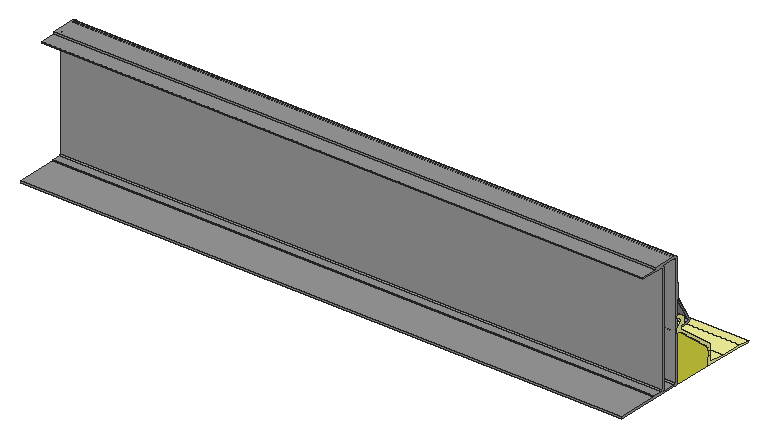
Revit family "HT HD 120", category Generic Models, Revit 2014
Parameters (values of type "Max lintel length 3600mm")
  URL = "http://www.keystonelintels.co.uk"
  Structural Opening [instance] = 900 mm
  Structural Performance = "The Keystone lintel range has safe working loads as detailed in each applicable loading table in the Keystone Lintel Guide brochure. The structural performance figures within each table have been ascertained by testing in accordance with the requirements of standards BS EN 5977-2: 1983 and BS EN 845-2: 2003."
  RIBA Productor Selector = "available for Keystone Lintels Ltd from Keystone Lintels Ltd from ribaproductselector.com"
  Model = "HT/HD 120"
  Min Length = 600 mm
  Min Clear Span = 300 mm
  Max Length = 2600 mm
  Max Clear Span = 3600 mm
  Material - Stainless Steel = "Grade 304 2b 1.4307 to BS EN 10088-2. Other grades available on request: contact manufacturer."
  Material - Galvanised Steel = "To BS EN 10346: 2009. DX51D plus Z600 or grade Z275 to BS 5977-2: 1983 (BS EN 845-2: 2003)."
  Manufacturer = "Keystone"
  Manufactured Length [instance] = (roundup(Effective Length / 150 mm) * 150 mm)  # 1200 mm
  Lintel height [instance] = 2100 mm
  Keynote = "F30/755"
  Fire Performance = "Keystone lintels have been subjected to a fire test (WARRES No. 101263) in accordance with BS 476-20: 1987, at Exova Warrington Fire and achieved a one hour fire performance."
  End Bearing = 150 mm
  Effective Length [instance] = Clear Opening with MIN MAX set + End Bearing * 2  # 1200 mm
  Corrosion = "Keystone’s standard range of lintels are manufactured from high quality grade pre-galvanized carbon steel with a zinc coating of 600"
  Contact Tel = "+44 (0)28 8676 2184"
  Contact Email = "info@keystonelintels.co.uk"
  Clear Opening with MIN MAX set [instance] = if(Structural Opening < Min Clear Span, Min Clear Span, (if(Structural Opening > Max Clear Span, Max Clear Span, Structural Opening)))  # 900 mm
  CPD Information = "Available for Keystone Lintels Ltd from ribacpd.com"
Reference planes
  plane 1 "Center (Front/Back)": y = 0
  plane 2: z = 0
  plane 3 "Center (Left/Right)": x = 0
  plane 4: x = -600
  plane 5: x = 600
  plane 6: z = 2100
  plane 7: x = -450
  plane 8: x = 450
Forms (mm)
  Extrusion 1, solid, material "Steel"
    sketch origin (0, 696.96, -495.229) x (0, 1, 0) y (0, 0, 1)
      loop
        arc (-742.549, 2595.229) -> (-739.721, 2596.401) -> (-738.549, 2599.229) r 4
        line (-738.549, 2599.229) -> (-738.549, 2748.668) -> (-709.422, 2701.107)
        arc (-709.422, 2701.107) -> (-709.248, 2698.016) -> (-711.9, 2696.417) r 3
        line (-711.9, 2696.417) -> (-728.665, 2696.417) -> (-728.665, 2693.917) -> (-711.901, 2693.917)
        arc (-711.901, 2693.917) -> (-707.055, 2696.816) -> (-707.318, 2702.457) r 5.5
        line (-707.318, 2702.457) -> (-736.049, 2749.609) -> (-736.049, 2777.356) -> (-738.549, 2777.356) -> (-738.549, 2823.229)
        arc (-738.549, 2823.229) -> (-739.721, 2826.057) -> (-742.549, 2827.229) r 4
        line (-742.549, 2827.229) -> (-791.349, 2827.229) -> (-791.349, 2824.329) -> (-821.649, 2824.329) -> (-821.649, 2821.829) -> (-776.147, 2821.829)
        arc (-776.147, 2821.829) -> (-774.733, 2821.243) -> (-774.149, 2819.829) r 2
        line (-774.149, 2819.829) -> (-774.15, 2602.629)
        arc (-774.15, 2602.629) -> (-774.736, 2601.215) -> (-776.15, 2600.629) r 2
        line (-776.15, 2600.629) -> (-794.149, 2600.629) -> (-794.149, 2598.129) -> (-874.149, 2598.129) -> (-874.149, 2595.229) -> (-742.549, 2595.229)
      loop
        arc (-771.649, 2602.133) -> (-772.819, 2599.302) -> (-775.649, 2598.129) r 3.999
        line (-775.649, 2598.129) -> (-743.449, 2598.129)
        arc (-743.449, 2598.129) -> (-742.035, 2598.715) -> (-741.449, 2600.129) r 2
        line (-741.449, 2600.129) -> (-741.449, 2822.329)
        arc (-741.449, 2822.329) -> (-742.035, 2823.743) -> (-743.449, 2824.329) r 2
        line (-743.449, 2824.329) -> (-775.649, 2824.329)
        arc (-775.649, 2824.329) -> (-772.819, 2823.156) -> (-771.649, 2820.324) r 4
        line (-771.649, 2820.324) -> (-771.649, 2602.133)
    from -600 to 600
  Extrusion 2, solid, material "GRP"
    sketch origin (0, 696.96, -495.229) x (0, 1, 0) y (0, 0, 1)
      loop
        line (-580.466, 2595.229) -> (-560.113, 2593.253) -> (-559.823, 2596.239) -> (-580.32, 2598.229) -> (-621.905, 2598.281) -> (-652.114, 2601.226)
        arc (-652.114, 2601.226) -> (-654.045, 2602.196) -> (-654.823, 2604.211) r 3
        line (-654.823, 2604.211) -> (-654.823, 2627.492)
        arc (-654.823, 2627.492) -> (-655.786, 2631.773) -> (-658.488, 2635.23) r 10
        line (-658.488, 2635.23) -> (-727.74, 2691.926)
        arc (-727.74, 2691.926) -> (-728.292, 2692.519) -> (-728.665, 2693.239) r 3
        line (-728.665, 2693.239) -> (-728.665, 2697.248) -> (-720.704, 2697.248) -> (-720.704, 2707.672)
        arc (-720.704, 2707.672) -> (-721.738, 2711.333) -> (-724.534, 2713.913) r 7
        line (-724.534, 2713.913) -> (-738.149, 2720.829) -> (-738.623, 2714.901) -> (-729.388, 2710.209)
        arc (-729.388, 2710.209) -> (-727.521, 2707.664) -> (-728.462, 2704.651) r 3.5
        line (-728.462, 2704.651) -> (-737.623, 2695.218) -> (-737.623, 2689.627)
        arc (-737.623, 2689.627) -> (-737.037, 2688.212) -> (-735.623, 2687.627) r 2
        line (-735.623, 2687.627) -> (-731.048, 2687.627)
        arc (-731.048, 2687.627) -> (-696.96, 2661.568) -> (-664.904, 2633.047) r 576.819
        arc (-664.904, 2633.047) -> (-660.399, 2625.973) -> (-659.283, 2617.662) r 19.5
        line (-659.283, 2617.662) -> (-660.323, 2605.177) -> (-660.323, 2598.229)
        arc (-660.323, 2598.229) -> (-661.823, 2596.729) -> (-660.323, 2595.229) r 1.5
        line (-660.323, 2595.229) -> (-580.466, 2595.229)
    from -600 to 600
  Extrusion 3, solid, material "Insulation"
    sketch origin (0, 696.96, -495.229) x (0, 1, 0) y (0, 0, 1)
      loop
        line (-742.549, 2595.229) -> (-660.323, 2595.229)
        arc (-660.323, 2595.229) -> (-661.823, 2596.729) -> (-660.323, 2598.229) r 1.5
        line (-660.323, 2598.229) -> (-660.323, 2605.177) -> (-659.283, 2617.662)
        arc (-659.283, 2617.662) -> (-660.399, 2625.973) -> (-664.904, 2633.047) r 19.5
        arc (-664.904, 2633.047) -> (-696.96, 2661.568) -> (-731.048, 2687.627) r 576.819
        line (-731.048, 2687.627) -> (-738.549, 2687.627) -> (-738.549, 2599.229)
        arc (-738.549, 2599.229) -> (-739.721, 2596.401) -> (-742.549, 2595.229) r 4
    from -600 to 600
  Extrusion 4, solid, not visible
    sketch origin (0, 950.222, 884.99) x (0, 1, 0) y (0, 0, 1)
      loop
        line (-580.466, 995.229) -> (-560.113, 993.253) -> (-559.823, 996.239) -> (-580.32, 998.229) -> (-621.905, 998.281) -> (-652.114, 1001.226)
        arc (-652.114, 1001.226) -> (-654.045, 1002.196) -> (-654.823, 1004.211) r 3
        line (-654.823, 1004.211) -> (-654.823, 1027.492)
        arc (-654.823, 1027.492) -> (-655.786, 1031.773) -> (-658.488, 1035.23) r 10
        line (-658.488, 1035.23) -> (-727.74, 1091.926)
        arc (-727.74, 1091.926) -> (-728.292, 1092.519) -> (-728.665, 1093.239) r 3
        line (-728.665, 1093.239) -> (-728.665, 1097.248) -> (-720.704, 1097.248) -> (-720.704, 1107.672)
        arc (-720.704, 1107.672) -> (-721.738, 1111.333) -> (-724.534, 1113.913) r 7
        line (-724.534, 1113.913) -> (-738.149, 1120.829) -> (-738.623, 1114.901) -> (-729.388, 1110.209)
        arc (-729.388, 1110.209) -> (-727.521, 1107.664) -> (-728.462, 1104.651) r 3.5
        line (-728.462, 1104.651) -> (-737.623, 1095.218) -> (-737.623, 1089.627)
        arc (-737.623, 1089.627) -> (-737.037, 1088.212) -> (-735.623, 1087.627) r 2
        line (-735.623, 1087.627) -> (-731.048, 1087.627)
        arc (-731.048, 1087.627) -> (-696.96, 1061.568) -> (-664.904, 1033.047) r 576.819
        arc (-664.904, 1033.047) -> (-660.399, 1025.973) -> (-659.283, 1017.662) r 19.5
        line (-659.283, 1017.662) -> (-660.323, 1005.177) -> (-660.323, 998.229)
        arc (-660.323, 998.229) -> (-661.823, 996.729) -> (-660.323, 995.229) r 1.5
        line (-660.323, 995.229) -> (-580.466, 995.229)
    from 0 to 250
  Extrusion 5, solid, not visible
    sketch origin (0, 498.549, 1224.771) x (0, 1, 0) y (0, 0, 1)
      loop
        arc (-742.549, 995.229) -> (-739.721, 996.401) -> (-738.549, 999.229) r 4
        line (-738.549, 999.229) -> (-738.549, 1148.668) -> (-709.422, 1101.107)
        arc (-709.422, 1101.107) -> (-709.248, 1098.016) -> (-711.9, 1096.417) r 3
        line (-711.9, 1096.417) -> (-728.665, 1096.417) -> (-728.665, 1093.917) -> (-711.901, 1093.917)
        arc (-711.901, 1093.917) -> (-707.055, 1096.816) -> (-707.318, 1102.457) r 5.5
        line (-707.318, 1102.457) -> (-736.049, 1149.609) -> (-736.049, 1177.356) -> (-738.549, 1177.356) -> (-738.549, 1223.229)
        arc (-738.549, 1223.229) -> (-739.721, 1226.057) -> (-742.549, 1227.229) r 4
        line (-742.549, 1227.229) -> (-791.349, 1227.229) -> (-791.349, 1224.329) -> (-821.649, 1224.329) -> (-821.649, 1221.829) -> (-776.147, 1221.829)
        arc (-776.147, 1221.829) -> (-774.733, 1221.243) -> (-774.149, 1219.829) r 2
        line (-774.149, 1219.829) -> (-774.15, 1002.629)
        arc (-774.15, 1002.629) -> (-774.736, 1001.215) -> (-776.15, 1000.629) r 2
        line (-776.15, 1000.629) -> (-794.149, 1000.629) -> (-794.149, 998.129) -> (-874.149, 998.129) -> (-874.149, 995.229) -> (-742.549, 995.229)
      loop
        arc (-771.649, 1002.133) -> (-772.819, 999.302) -> (-775.649, 998.129) r 3.999
        line (-775.649, 998.129) -> (-743.449, 998.129)
        arc (-743.449, 998.129) -> (-742.035, 998.715) -> (-741.449, 1000.129) r 2
        line (-741.449, 1000.129) -> (-741.449, 1222.329)
        arc (-741.449, 1222.329) -> (-742.035, 1223.743) -> (-743.449, 1224.329) r 2
        line (-743.449, 1224.329) -> (-775.649, 1224.329)
        arc (-775.649, 1224.329) -> (-772.819, 1223.156) -> (-771.649, 1220.324) r 4
        line (-771.649, 1220.324) -> (-771.649, 1002.133)
    from 0 to 250
  Extrusion 6, solid, not visible
    sketch origin (0, 570.215, 810.491) x (0, 1, 0) y (0, 0, 1)
      loop
        line (-742.549, 995.229) -> (-660.323, 995.229)
        arc (-660.323, 995.229) -> (-661.823, 996.729) -> (-660.323, 998.229) r 1.5
        line (-660.323, 998.229) -> (-660.323, 1005.177) -> (-659.283, 1017.662)
        arc (-659.283, 1017.662) -> (-660.399, 1025.973) -> (-664.904, 1033.047) r 19.5
        arc (-664.904, 1033.047) -> (-696.96, 1061.568) -> (-731.048, 1087.627) r 576.819
        line (-731.048, 1087.627) -> (-738.549, 1087.627) -> (-738.549, 999.229)
        arc (-738.549, 999.229) -> (-739.721, 996.401) -> (-742.549, 995.229) r 4
    from 0 to 250
Dimensions and locks
  equal spacing: plane 4, plane 3 "Center (Left/Right)", plane 5
  "Manufactured Length": plane 4 to plane 5
  "Lintel height": plane 6 to level
  "Structural Opening": plane 7 to plane 8
  equal spacing: plane 7, plane 3 "Center (Left/Right)", plane 8
  aligned and locked: level to plane 2
  aligned and locked: Extrusion 2 to plane 6
  aligned and locked: Extrusion 3 to plane 6
  aligned and locked: plane 6 to Extrusion 1
  aligned and locked: plane 5 to Extrusion 1
  aligned and locked: Extrusion 1 to plane 4
  aligned and locked: plane 5 to Extrusion 2
  aligned and locked: Extrusion 2 to plane 4
  aligned and locked: plane 5 to Extrusion 3
  aligned and locked: Extrusion 3 to plane 4
Automatic sketch dimensions
  Extrusion 1 sketch curve to Extrusion 1 sketch curve = 131.6 mm
  Extrusion 1 sketch curve to Extrusion 1 sketch curve = 2.9 mm  (x3)
  Extrusion 1 sketch curve to Extrusion 1 sketch curve = 2.5 mm  (x7)
  Extrusion 1 sketch curve to Extrusion 1 sketch curve = 17.999 mm
  Extrusion 1 sketch curve to Extrusion 1 sketch curve = 0.502 mm
  Extrusion 1 sketch curve to Extrusion 1 sketch curve = 3.999 mm
  Extrusion 1 sketch curve to Extrusion 1 sketch curve = 0.9 mm  (x7)
  Extrusion 1 sketch curve to Extrusion 1 sketch curve = 0 mm  (x6)
  Extrusion 1 sketch curve to Extrusion 1 sketch curve = 0.501 mm
  Extrusion 1 sketch curve to Extrusion 1 sketch curve = 1.498 mm
  Extrusion 1 sketch curve to Extrusion 1 sketch curve = 0.001 mm  (x3)
  Extrusion 1 sketch curve to Extrusion 1 sketch curve = 0.496 mm  (x2)
  Extrusion 1 sketch curve to Extrusion 1 sketch curve = 1.1 mm  (x2)
  Extrusion 1 sketch curve to Extrusion 1 sketch curve = 30.2 mm
  Extrusion 1 sketch curve to Extrusion 1 sketch curve = 2.005 mm
  Extrusion 1 sketch curve to Extrusion 1 sketch curve = 73.661 mm
  Extrusion 1 sketch curve to Extrusion 1 sketch curve = 12.785 mm
  Extrusion 1 sketch curve to Extrusion 1 sketch curve = 96.288 mm
  Extrusion 1 sketch curve to Extrusion 1 sketch curve = 16.764 mm
  Extrusion 1 sketch curve to Extrusion 1 sketch curve = 2.479 mm
  Extrusion 1 sketch curve to Extrusion 1 sketch curve = 1.69 mm
  Extrusion 1 sketch curve to Extrusion 1 sketch curve = 9.885 mm
  Extrusion 1 sketch curve to Extrusion 1 sketch curve = 2.104 mm
  Extrusion 1 sketch curve to Extrusion 1 sketch curve = 52.25 mm
  Extrusion 1 sketch curve to Extrusion 1 sketch curve = 0.941 mm
  Extrusion 1 sketch curve to Extrusion 1 sketch curve = 27.747 mm
  Extrusion 1 sketch curve to Extrusion 1 sketch curve = 1.998 mm
  Extrusion 1 sketch curve to Extrusion 1 sketch curve = 0.498 mm
  Extrusion 1 sketch curve to Extrusion 1 sketch curve = 0.5 mm
  Extrusion 1 sketch curve to Extrusion 1 sketch curve = 0.002 mm
  Extrusion 1 sketch curve to Extrusion 1 sketch curve = 45.502 mm
  Extrusion 1 sketch curve to Extrusion 1 sketch curve = 15.202 mm
  Extrusion 2 sketch curve to Extrusion 2 sketch curve = 326.458 mm
  Extrusion 2 sketch curve to Extrusion 2 sketch curve = 2 mm
  Extrusion 2 sketch curve to Extrusion 2 sketch curve = 4.575 mm
  Extrusion 2 sketch curve to Extrusion 2 sketch curve = 6.65 mm
  Extrusion 2 sketch curve to Extrusion 2 sketch curve = 1.585 mm
  Extrusion 2 sketch curve to Extrusion 2 sketch curve = 8.958 mm
  Extrusion 2 sketch curve to Extrusion 2 sketch curve = 2.511 mm
  Extrusion 2 sketch curve to Extrusion 2 sketch curve = 0.925 mm
  Extrusion 2 sketch curve to Extrusion 2 sketch curve = 1.684 mm
  Extrusion 2 sketch curve to Extrusion 2 sketch curve = 2.825 mm
  Extrusion 2 sketch curve to Extrusion 2 sketch curve = 4.854 mm
  Extrusion 2 sketch curve to Extrusion 2 sketch curve = 5.136 mm
  Extrusion 2 sketch curve to Extrusion 2 sketch curve = 52.333 mm
  Extrusion 2 sketch curve to Extrusion 2 sketch curve = 13.892 mm
  Extrusion 2 sketch curve to Extrusion 2 sketch curve = 18.392 mm
  Extrusion 2 sketch curve to Extrusion 2 sketch curve = 5.54 mm
  Extrusion 2 sketch curve to Extrusion 2 sketch curve = 6.335 mm
  Extrusion 2 sketch curve to Extrusion 2 sketch curve = 5.5 mm
  Extrusion 2 sketch curve to Extrusion 2 sketch curve = 2.709 mm
  Extrusion 2 sketch curve to Extrusion 2 sketch curve = 3 mm  (x3)
  Extrusion 2 sketch curve to Extrusion 2 sketch curve = 30.209 mm
  Extrusion 2 sketch curve to Extrusion 2 sketch curve = 41.44 mm
  Extrusion 2 sketch curve to Extrusion 2 sketch curve = 0.145 mm
  Extrusion 2 sketch curve to Extrusion 2 sketch curve = 20.353 mm
  Extrusion 2 sketch curve to Extrusion 2 sketch curve = 0.29 mm
  Extrusion 2 sketch curve to Extrusion 2 sketch curve = 376.593 mm
  Extrusion 2 sketch curve to Extrusion 2 sketch curve = 1.976 mm
  Extrusion 2 sketch curve to Extrusion 2 sketch curve = 2.986 mm
  Extrusion 2 sketch curve to Extrusion 2 sketch curve = 1.5 mm
  Extrusion 2 sketch curve to Extrusion 2 sketch curve = 0.052 mm
  Extrusion 2 sketch curve to Extrusion 2 sketch curve = 2.997 mm
  Extrusion 2 sketch curve to Extrusion 2 sketch curve = 0.965 mm
  Extrusion 2 sketch curve to Extrusion 2 sketch curve = 12.485 mm
  Extrusion 2 sketch curve to Extrusion 2 sketch curve = 1.619 mm
  Extrusion 2 sketch curve to Extrusion 2 sketch curve = 9.831 mm
  Extrusion 2 sketch curve to Extrusion 2 sketch curve = 68.346 mm
  Extrusion 2 sketch curve to Extrusion 2 sketch curve = 4.3 mm
  Extrusion 2 sketch curve to Extrusion 2 sketch curve = 1.312 mm
  Extrusion 2 sketch curve to Extrusion 2 sketch curve = 5.592 mm
  Extrusion 2 sketch curve to Extrusion 2 sketch curve = 7.403 mm
  Extrusion 2 sketch curve to Extrusion 2 sketch curve = 2.438 mm
  Extrusion 2 sketch curve to Extrusion 2 sketch curve = 3.021 mm
  Extrusion 2 sketch curve to Extrusion 2 sketch curve = 9.235 mm
  Extrusion 2 sketch curve to Extrusion 2 sketch curve = 0.474 mm
  Extrusion 2 sketch curve to Extrusion 2 sketch curve = 4.691 mm
  Extrusion 2 sketch curve to Extrusion 2 sketch curve = 5.928 mm
  Extrusion 3 sketch curve to Extrusion 3 sketch curve = 82.226 mm
  Extrusion 3 sketch curve to Extrusion 3 sketch curve = 0 mm  (x3)
  Extrusion 3 sketch curve to Extrusion 3 sketch curve = 1.5 mm  (x2)
  Extrusion 3 sketch curve to Extrusion 3 sketch curve = 6.948 mm
  Extrusion 3 sketch curve to Extrusion 3 sketch curve = 1.04 mm
  Extrusion 3 sketch curve to Extrusion 3 sketch curve = 12.485 mm
  Extrusion 3 sketch curve to Extrusion 3 sketch curve = 4 mm  (x2)
  Extrusion 3 sketch curve to Extrusion 3 sketch curve = 69.965 mm
  Extrusion 3 sketch curve to Extrusion 3 sketch curve = 19.433 mm
  Extrusion 3 sketch curve to Extrusion 3 sketch curve = 1.619 mm
  Extrusion 3 sketch curve to Extrusion 3 sketch curve = 5.621 mm
  Extrusion 3 sketch curve to Extrusion 3 sketch curve = 321.532 mm
  Extrusion 3 sketch curve to Extrusion 3 sketch curve = 66.145 mm
  Extrusion 3 sketch curve to Extrusion 3 sketch curve = 7.501 mm
  Extrusion 4 sketch curve to Extrusion 4 sketch curve = 326.458 mm
  Extrusion 4 sketch curve to Extrusion 4 sketch curve = 2 mm
  Extrusion 4 sketch curve to Extrusion 4 sketch curve = 4.575 mm
  Extrusion 4 sketch curve to Extrusion 4 sketch curve = 6.65 mm
  Extrusion 4 sketch curve to Extrusion 4 sketch curve = 1.585 mm
  Extrusion 4 sketch curve to Extrusion 4 sketch curve = 8.958 mm
  Extrusion 4 sketch curve to Extrusion 4 sketch curve = 2.511 mm
  Extrusion 4 sketch curve to Extrusion 4 sketch curve = 0.925 mm
  Extrusion 4 sketch curve to Extrusion 4 sketch curve = 1.684 mm
  Extrusion 4 sketch curve to Extrusion 4 sketch curve = 2.825 mm
  Extrusion 4 sketch curve to Extrusion 4 sketch curve = 4.854 mm
  Extrusion 4 sketch curve to Extrusion 4 sketch curve = 5.136 mm
  Extrusion 4 sketch curve to Extrusion 4 sketch curve = 52.333 mm
  Extrusion 4 sketch curve to Extrusion 4 sketch curve = 13.892 mm
  Extrusion 4 sketch curve to Extrusion 4 sketch curve = 18.392 mm
  Extrusion 4 sketch curve to Extrusion 4 sketch curve = 5.54 mm
  Extrusion 4 sketch curve to Extrusion 4 sketch curve = 6.335 mm
  Extrusion 4 sketch curve to Extrusion 4 sketch curve = 5.5 mm
  Extrusion 4 sketch curve to Extrusion 4 sketch curve = 2.709 mm
  Extrusion 4 sketch curve to Extrusion 4 sketch curve = 3 mm  (x3)
  Extrusion 4 sketch curve to Extrusion 4 sketch curve = 30.209 mm
  Extrusion 4 sketch curve to Extrusion 4 sketch curve = 41.44 mm
  Extrusion 4 sketch curve to Extrusion 4 sketch curve = 0.145 mm
  Extrusion 4 sketch curve to Extrusion 4 sketch curve = 20.353 mm
  Extrusion 4 sketch curve to Extrusion 4 sketch curve = 0.29 mm
  Extrusion 4 sketch curve to Extrusion 4 sketch curve = 376.593 mm
  Extrusion 4 sketch curve to Extrusion 4 sketch curve = 1.976 mm
  Extrusion 4 sketch curve to Extrusion 4 sketch curve = 2.986 mm
  Extrusion 4 sketch curve to Extrusion 4 sketch curve = 1.5 mm
  Extrusion 4 sketch curve to Extrusion 4 sketch curve = 0.052 mm
  Extrusion 4 sketch curve to Extrusion 4 sketch curve = 2.997 mm
  Extrusion 4 sketch curve to Extrusion 4 sketch curve = 0.965 mm
  Extrusion 4 sketch curve to Extrusion 4 sketch curve = 12.485 mm
  Extrusion 4 sketch curve to Extrusion 4 sketch curve = 1.619 mm
  Extrusion 4 sketch curve to Extrusion 4 sketch curve = 9.831 mm
  Extrusion 4 sketch curve to Extrusion 4 sketch curve = 68.346 mm
  Extrusion 4 sketch curve to Extrusion 4 sketch curve = 4.3 mm
  Extrusion 4 sketch curve to Extrusion 4 sketch curve = 1.312 mm
  Extrusion 4 sketch curve to Extrusion 4 sketch curve = 5.592 mm
  Extrusion 4 sketch curve to Extrusion 4 sketch curve = 7.403 mm
  Extrusion 4 sketch curve to Extrusion 4 sketch curve = 2.438 mm
  Extrusion 4 sketch curve to Extrusion 4 sketch curve = 3.021 mm
  Extrusion 4 sketch curve to Extrusion 4 sketch curve = 9.235 mm
  Extrusion 4 sketch curve to Extrusion 4 sketch curve = 0.474 mm
  Extrusion 4 sketch curve to Extrusion 4 sketch curve = 4.691 mm
  Extrusion 4 sketch curve to Extrusion 4 sketch curve = 5.928 mm
  Extrusion 5 sketch curve to Extrusion 5 sketch curve = 131.6 mm
  Extrusion 5 sketch curve to Extrusion 5 sketch curve = 2.9 mm  (x3)
  Extrusion 5 sketch curve to Extrusion 5 sketch curve = 2.5 mm  (x7)
  Extrusion 5 sketch curve to Extrusion 5 sketch curve = 17.999 mm
  Extrusion 5 sketch curve to Extrusion 5 sketch curve = 0.502 mm
  Extrusion 5 sketch curve to Extrusion 5 sketch curve = 3.999 mm
  Extrusion 5 sketch curve to Extrusion 5 sketch curve = 0.9 mm  (x7)
  Extrusion 5 sketch curve to Extrusion 5 sketch curve = 0 mm  (x6)
  Extrusion 5 sketch curve to Extrusion 5 sketch curve = 0.501 mm
  Extrusion 5 sketch curve to Extrusion 5 sketch curve = 1.498 mm
  Extrusion 5 sketch curve to Extrusion 5 sketch curve = 0.001 mm  (x3)
  Extrusion 5 sketch curve to Extrusion 5 sketch curve = 0.496 mm  (x2)
  Extrusion 5 sketch curve to Extrusion 5 sketch curve = 1.1 mm  (x2)
  Extrusion 5 sketch curve to Extrusion 5 sketch curve = 30.2 mm
  Extrusion 5 sketch curve to Extrusion 5 sketch curve = 2.005 mm
  Extrusion 5 sketch curve to Extrusion 5 sketch curve = 73.661 mm
  Extrusion 5 sketch curve to Extrusion 5 sketch curve = 12.785 mm
  Extrusion 5 sketch curve to Extrusion 5 sketch curve = 96.288 mm
  Extrusion 5 sketch curve to Extrusion 5 sketch curve = 16.764 mm
  Extrusion 5 sketch curve to Extrusion 5 sketch curve = 2.479 mm
  Extrusion 5 sketch curve to Extrusion 5 sketch curve = 1.69 mm
  Extrusion 5 sketch curve to Extrusion 5 sketch curve = 9.885 mm
  Extrusion 5 sketch curve to Extrusion 5 sketch curve = 2.104 mm
  Extrusion 5 sketch curve to Extrusion 5 sketch curve = 52.25 mm
  Extrusion 5 sketch curve to Extrusion 5 sketch curve = 0.941 mm
  Extrusion 5 sketch curve to Extrusion 5 sketch curve = 27.747 mm
  Extrusion 5 sketch curve to Extrusion 5 sketch curve = 1.998 mm
  Extrusion 5 sketch curve to Extrusion 5 sketch curve = 0.498 mm
  Extrusion 5 sketch curve to Extrusion 5 sketch curve = 0.5 mm
  Extrusion 5 sketch curve to Extrusion 5 sketch curve = 0.002 mm
  Extrusion 5 sketch curve to Extrusion 5 sketch curve = 45.502 mm
  Extrusion 5 sketch curve to Extrusion 5 sketch curve = 15.202 mm
  Extrusion 6 sketch curve to Extrusion 6 sketch curve = 82.226 mm
  Extrusion 6 sketch curve to Extrusion 6 sketch curve = 0 mm  (x3)
  Extrusion 6 sketch curve to Extrusion 6 sketch curve = 1.5 mm  (x2)
  Extrusion 6 sketch curve to Extrusion 6 sketch curve = 6.948 mm
  Extrusion 6 sketch curve to Extrusion 6 sketch curve = 1.04 mm
  Extrusion 6 sketch curve to Extrusion 6 sketch curve = 12.485 mm
  Extrusion 6 sketch curve to Extrusion 6 sketch curve = 4 mm  (x2)
  Extrusion 6 sketch curve to Extrusion 6 sketch curve = 69.965 mm
  Extrusion 6 sketch curve to Extrusion 6 sketch curve = 19.433 mm
  Extrusion 6 sketch curve to Extrusion 6 sketch curve = 1.619 mm
  Extrusion 6 sketch curve to Extrusion 6 sketch curve = 5.621 mm
  Extrusion 6 sketch curve to Extrusion 6 sketch curve = 321.532 mm
  Extrusion 6 sketch curve to Extrusion 6 sketch curve = 66.145 mm
  Extrusion 6 sketch curve to Extrusion 6 sketch curve = 7.501 mm
  Extrusion 3 sketch curve to plane 6 = 0 mm
  plane 1 "Center (Front/Back)" to Extrusion 3 sketch curve = 367.121 mm
  Extrusion 1 sketch curve to plane 6 = 0 mm
  plane 1 "Center (Front/Back)" to Extrusion 1 sketch curve = 177.189 mm
  Extrusion 2 sketch curve to plane 6 = 0 mm
  plane 1 "Center (Front/Back)" to Extrusion 2 sketch curve = 367.121 mm
